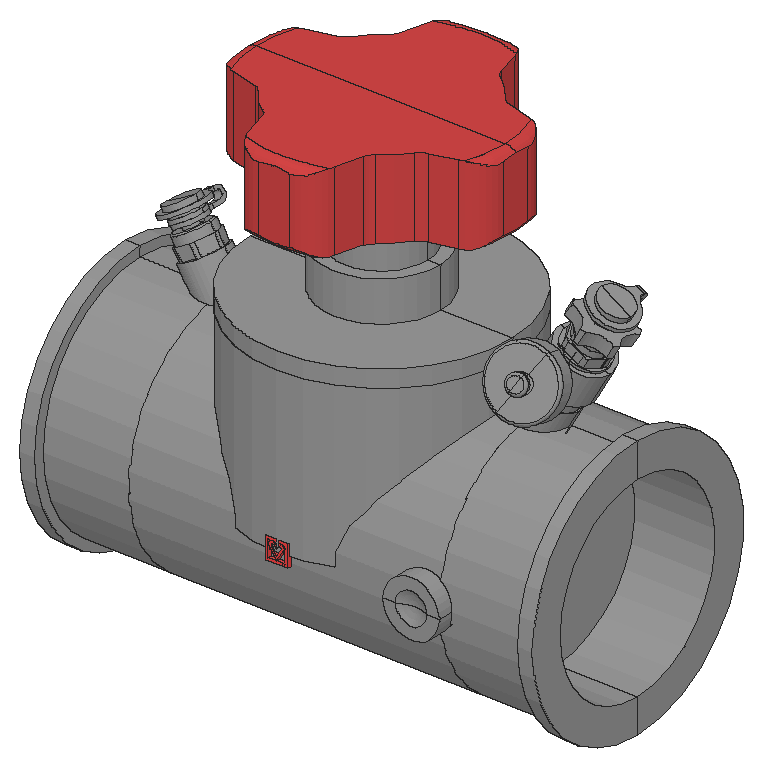
Revit family "HERZ Strömax клапан балансировочный с измерительными клапанами 4217 GML", category Rohrzubehör, Revit 2021
Family settings
  Bemaßung runder Anschluss = Durchmesser verwenden
  Teiletyp = Unterbricht
  OmniClass-Nummer = 23.65.55.14
  OmniClass-Titel = Valves for Liquid Services
  Arbeitsebenenbasiert = Nein
  Immer vertikal = Ja
  Beim Laden mit Abzugskörper schneiden = Nein
  Gemeinsam genutzt = Nein
Parameters
  Среда = "Качество теплоносителя в соответствии с ÖNORM H5195 и VDI 2035.\r\nДопускается использование этилен- и пропиленгликоля в соотношении 25-50% с водой."
  Положение клапана при монтаже = "Неподнимающийся шпиндель, расположенный перпендикулярно оси клапана, обеспечивает доступность и лёгкость в обслуживании в любом монтажном положении."
  Область применения = "Балансировочные клапаны применяются для гидравлической балансировки систем отопления и охлаждения, регулировки магистральных трубопроводов, стояков, теплообменников, регистров отопления и охлаждения."
  Номер заказа [instance] = size_lookup("4217_GML_", "Artnr", 0, Nennweite)  # 1421718
  Макс. рабочее давление = 1600000.0 Pa  # constant formula
  Макс. рабочая температура (с DN40) = 110 °C  # constant formula
  Макс. рабочая температура (до DN32) = 130 °C  # constant formula
  Корпус = "латунь, устойчивая к селективной цинковой коррозии"  # constant formula
  Исполнение = "STRÖMAX-GML Балансировочный клапан с измерительными клапанами и подключением импульсной трубки, 1/2′′ – 3′′.\r\nИсполнение с прямым невыдвижным шпинделем, муфта х муфта, латунный корпус без покрытия, уплотнение шпинделя двойным кольцевым уплотнением O-Ring, преднастройка посредством ограничения хода внутреннего шпинделя, цифровые показания степени настройки отображаются в окне маховика.\r\nОдин измерительный клапан расположен перед седлом балансировочного клапана, другой измерительный клапан с возможностью подключения импульсной трубки - после седла."
  Измерение перепада давления = "Клапаны STRÖMAX-GML оснащен двумя измерительными клапанами:\r\nс помощью измерительного прибора можно измерить перепад давления и по нему определить текущий расход в зависимости от степени преднастройки.\r\nHERZ Измерительный компьютер (1 8900 05) позволяет напрямую считывать расход (см. руководство к измерительным приборам)."
  kvs-значения [instance] = if(Nennweite = 15.00 mm, 6.05, if(Nennweite = 20.00 mm, 6.11, if(Nennweite = 25.00 mm, 9.22, if(Nennweite = 32.00 mm, 18.83, if(Nennweite = 40.00 mm, 23.29, if(Nennweite = 50.00 mm, 35.26, if(Nennweite = 65.00 mm, 52.11, if(Nennweite = 80.00 mm, 76.1, 0))))))))  # 76.1
  W02 = 60.00°  # constant formula
  W01 = 30.00°  # constant formula
  Vorgabe-Ansicht = 0.00 mm
  URL = "www.herz-armaturen.ru"
  SC_NennweiteBerechnet = 0
  SC_Dimension = ""
  SCRNSEQ = "ARM;ARM_TYP=\"STRV\";2"
  SCRNCODE = "05;07;02"  # constant formula
  S02 = 60.00 mm  # constant formula
  S01 [instance] = H00 + H01  # 119.31 mm
  R01 [instance] = size_lookup("4217_GML_", "R1", 1.00 mm, Nennweite)  # 53.00 mm
  Nennweite [instance] = 80.00 mm
  ML02 [instance] = size_lookup("4217_GML_", "ML2", 1.00 mm, Nennweite)  # 70.50 mm
  ML01 [instance] = size_lookup("4217_GML_", "ML1", 1.00 mm, Nennweite)  # 37.35 mm
  MD01 = 9.50 mm  # constant formula
  L02 [instance] = size_lookup("4217_GML_", "L2", 1.00 mm, Nennweite)  # 6.00 mm
  L01 [instance] = size_lookup("4217_GML_", "L1", 1.00 mm, Nennweite)  # 41.30 mm
  L00 [instance] = size_lookup("4217_GML_", "L", 1.00 mm, Nennweite)  # 210.00 mm
  IG [instance] = Nennweite / 2  # 40.00 mm
  Hersteller = "HERZ Armaturen Ges.m.b.H."  # constant formula
  H04 [instance] = size_lookup("4217_GML_", "H4", 1.00 mm, Nennweite)  # 19.00 mm
  H03 = 10.00 mm  # constant formula
  H02 [instance] = size_lookup("4217_GML_", "H2", 1.00 mm, Nennweite)  # 7.00 mm
  H01 [instance] = size_lookup("4217_GML_", "H1", 1.00 mm, Nennweite)  # 52.60 mm
  H00 [instance] = size_lookup("4217_GML_", "H", 1.00 mm, Nennweite)  # 66.71 mm
  Вес [instance] = if(Nennweite = 15.00 mm, "0.97 kg", if(Nennweite = 20.00 mm, "1.00 kg", if(Nennweite = 25.00 mm, "1.45 kg", if(Nennweite = 32.00 mm, "1.98 kg", if(Nennweite = 40.00 mm, "2.34 kg", if(Nennweite = 50.00 mm, "3.85 kg", if(Nennweite = 65.00 mm, "5.35 kg", if(Nennweite = 80.00 mm, "7.20 kg", "0 kg"))))))))  # "7.20 kg"
  GT [instance] = size_lookup("4217_GML_", "GT", 1.00 mm, Nennweite)  # 33.30 mm
  DN80 [instance] = Nennweite = 80.00 mm  # yes
  DN65 [instance] = Nennweite = 65.00 mm  # no
  DN50_DN80 [instance] = or(Nennweite = 50.00 mm, Nennweite = 65.00 mm, Nennweite = 80.00 mm)  # yes
  DN50-DN80 [instance] = H00 + H01  # 119.31 mm
  DN50 [instance] = Nennweite = 50.00 mm  # no
  DN40 [instance] = Nennweite = 40.00 mm  # no
  DN32 [instance] = Nennweite = 32.00 mm  # no
  DN25 [instance] = Nennweite = 25.00 mm  # no
  DN20 [instance] = Nennweite = 20.00 mm  # no
  DN15_DN40 [instance] = or(Nennweite = 15.00 mm, Nennweite = 20.00 mm, Nennweite = 25.00 mm, Nennweite = 32.00 mm, Nennweite = 40.00 mm)  # no
  DN15-DN40 [instance] = H00 + H01  # 119.31 mm
  DN15 [instance] = Nennweite = 15.00 mm  # no
  D06 [instance] = size_lookup("4217_GML_", "D6", 1.00 mm, Nennweite)  # 24.30 mm
  D05 [instance] = size_lookup("4217_GML_", "D5", 1.00 mm, Nennweite)  # 19.00 mm
  D04 = 9.00 mm  # constant formula
  D03 [instance] = size_lookup("4217_GML_", "D3", 1.00 mm, Nennweite)  # 53.80 mm
  D02 [instance] = size_lookup("4217_GML_", "D2", 1.00 mm, Nennweite)  # 54.00 mm
  D01 [instance] = size_lookup("4217_GML_", "D1", 1.00 mm, Nennweite)  # 50.00 mm
Reference planes
  plane 1 "Mitte (Vorne/hinten)": y = 0
  plane 2: z = 0
  plane 3 "Mitte (Links/rechts)": x = 0
Forms (mm)
  Revolve 1, solid, material "Messing, weicher Gelbton, geschweißt", detail levels fine
    sketch origin (0, 0, 0) x (1, 0, 0) y (0, 0, 1)
      loop
        line (-105, 54) -> (-105, 40) -> (-71.7, 40) -> (-71.7, 0) -> (71.7, 0) -> (71.7, 40) -> (105, 40) -> (105, 54) -> (99, 54) -> (99, 50) -> (63.7, 50)
        arc (63.7, 50) -> (0, 53) -> (-63.7, 50) r 677.782
        line (-63.7, 50) -> (-99, 50) -> (-99, 54) -> (-105, 54)
      axis (-105, 0) -> (105, 0)
    angle from 0 to 360
  Revolve 2, solid, material "Messing, weicher Gelbton, geschweißt", detail levels fine
    sketch origin (0, 0, 0) x (1, 0, 0) y (0, 0, 1)
      loop
        line (37.35, 0) -> (72.6, 61.055) -> (64.373, 65.805) -> (29.123, 4.75) -> (37.35, 0)
      axis (37.35, 0) -> (72.6, 61.055)
    angle from 0 to 360
  Revolve 3, solid, material "Messing, weicher Gelbton, geschweißt", detail levels fine
    sketch origin (0, 0, 0) x (1, 0, 0) y (0, 0, 1)
      loop
        line (0, 0) -> (0, 66.71) -> (-53.8, 66.71) -> (-53.8, 0) -> (0, 0)
      axis (0, 66.71) -> (0, 0)
    angle from 0 to 360
  Revolve 4, solid, material "Messing, weicher Gelbton, geschweißt", detail levels fine
    sketch origin (0, 0, 0) x (-1, 0, 0) y (0, 0, 1)
      loop
        line (37.35, 0) -> (72.6, 61.055) -> (64.373, 65.805) -> (29.123, 4.75) -> (37.35, 0)
      axis (37.35, 0) -> (72.6, 61.055)
    angle from 0 to 360
  Revolve 5, solid, material "Messing, weicher Gelbton, geschweißt", visible <- "DN65", detail levels fine
    sketch origin (0, 0, 0) x (1, 0, 0) y (0, 1, 0)
      loop
        line (60, 47.945) -> (60, -47.945)
        arc (60, -47.945) -> (63.368, -48.598) -> (66.5, -50) r 15
        line (66.5, -50) -> (71.5, -50) -> (71.5, 50) -> (66.5, 50)
        arc (66.5, 50) -> (63.368, 48.598) -> (60, 47.945) r 15
      axis (60, 50) -> (60, -50)
    angle from 0 to 360
  Revolve 6, solid, material "Messing, weicher Gelbton, geschweißt", detail levels fine
    sketch origin (0, 0, 0) x (1, 0, 0) y (0, 0, 1)
      loop
        line (0, 66.71) -> (0, 119.31) -> (-9, 119.31) -> (-9, 109.31) -> (-19, 109.31) -> (-19, 90.31) -> (-24.3, 90.31) -> (-24.3, 73.71) -> (-53.8, 73.71) -> (-53.8, 66.71) -> (0, 66.71)
      axis (0, 119.31) -> (0, 66.71)
    angle from 0 to 360
  Revolve 7, solid, material "Messing, weicher Gelbton, geschweißt", visible <- "DN80", detail levels fine
    sketch origin (0, 0, 0) x (1, 0, 0) y (0, 1, 0)
      loop
        line (57, 53.945) -> (57, -53.945)
        arc (57, -53.945) -> (60.368, -54.598) -> (63.5, -56) r 15
        line (63.5, -56) -> (68.5, -56) -> (68.5, 56) -> (63.5, 56)
        arc (63.5, 56) -> (60.368, 54.598) -> (57, 53.945) r 15
      axis (57, 56) -> (57, -56)
    angle from 0 to 360
Lines and regions (mm)
  model lines, detail levels coarse+medium
    curve 1: line (-105, 0, 54) -> (-105, 0, -54)
    curve 2: line (-105, 0, -54) -> (105, 0, 54)
    curve 3: line (105, 0, 54) -> (105, 0, -54)
    curve 4: line (105, 0, -54) -> (-105, 0, 54)
    curve 5: line (0, 0, 0) -> (68.884, 0, 119.31)
    curve 6: line (42.903, 0, 134.31) -> (94.864, 0, 104.31)
    curve 7: line (-105, 54, 0) -> (-105, -54, 0)
    curve 8: line (-105, -54, 0) -> (105, 54, 0)
    curve 9: line (105, 54, 0) -> (105, -54, 0)
    curve 10: line (105, -54, 0) -> (-105, 54, 0)
    curve 11: line (0, 0, 0) -> (68.884, 119.31, 0)
    curve 12: line (42.903, 134.31, 0) -> (94.864, 104.31, 0)
Dimensions and locks
  "IG": Revolve 1 sketch curve to plane 2
  "GT": Revolve 1 sketch curve to Revolve 1 sketch curve  (x2)
  "IG": Revolve 1 sketch curve to Revolve 1 sketch curve
  "D01": Revolve 1 sketch curve to Revolve 1 sketch curve  (x2)
  "R01": Revolve 1 sketch curve to Revolve 1 sketch curve
  "L02": Revolve 1 sketch curve to Revolve 1 sketch curve  (x2)
  "L01": Revolve 1 sketch curve to Revolve 1 sketch curve  (x2)
  "D02": Revolve 1 sketch curve to plane 2  (x2)
  equal spacing: Revolve 1 sketch curve, plane 3 "Mitte (Links/rechts)", Revolve 1 sketch curve
  "L00": Revolve 1 sketch curve to Revolve 1 sketch curve
  "R01": nested 1 to plane 1 "Mitte (Vorne/hinten)"
  "ML01": Revolve 2 sketch curve to plane 3 "Mitte (Links/rechts)"
  "H00": Revolve 3 sketch curve to plane 2
  "D03": Revolve 3 sketch curve to Revolve 3 sketch curve
  "ML02": Revolve 2 sketch curve to Revolve 2 sketch curve
  "MD01": Revolve 2 sketch curve to Revolve 2 sketch curve  (x2)
  "ML02": Revolve 4 sketch curve to Revolve 4 sketch curve
  "MD01": Revolve 4 sketch curve to Revolve 4 sketch curve  (x2)
  "ML01": plane 3 "Mitte (Links/rechts)" to Revolve 4 sketch curve
  Revolve 5 sketch curve to Revolve 1 = 45.00 mm
  Revolve 5 sketch curve to Revolve 5 sketch curve = 11.50 mm  (x2)
  Revolve 5 sketch curve to plane 1 "Mitte (Vorne/hinten)" to Revolve 5 sketch curve = 50.00 mm, 50.00 mm
  "H00": Revolve 6 sketch curve to plane 2
  "H01": Revolve 6 sketch curve to Revolve 6 sketch curve
  "D04": Revolve 6 sketch curve to Revolve 6 sketch curve
  "D03": Revolve 6 sketch curve to Revolve 6 sketch curve
  "D05": Revolve 6 sketch curve to Revolve 6 sketch curve
  "D06": Revolve 6 sketch curve to Revolve 6 sketch curve
  "H02": Revolve 6 sketch curve to Revolve 6 sketch curve
  "H03": Revolve 6 sketch curve to Revolve 6 sketch curve
  "H04": Revolve 6 sketch curve to Revolve 6 sketch curve
  Revolve 7 sketch curve to Revolve 1 = 48.00 mm
  Revolve 7 sketch curve to Revolve 7 sketch curve = 11.50 mm  (x2)
  Revolve 7 sketch curve to plane 1 "Mitte (Vorne/hinten)" to Revolve 7 sketch curve = 56.00 mm, 56.00 mm
  "DN15-DN40": nested 2 to plane 2
  "DN50-DN80": nested 3 to plane 2
  "D02": curve 4 to plane 2 to curve 2
  "D02": curve 3 to plane 2 to curve 4
  equal spacing: curve 1, plane 3 "Mitte (Links/rechts)", curve 3
  "L00": curve 1 to curve 3
  equal spacing: Revolve 1, curve 5, Revolve 1
  "S01": curve 5 to plane 2
  equal spacing: curve 6, curve 5, curve 6
  "S02": curve 6 to curve 6
  "D02": curve 8 to plane 1 "Mitte (Vorne/hinten)" to curve 10
  "D02": curve 10 to plane 1 "Mitte (Vorne/hinten)" to curve 9
  equal spacing: curve 7, plane 3 "Mitte (Links/rechts)", curve 9
  "L00": curve 7 to curve 9
  equal spacing: curve 7, curve 11, curve 9
  "S01": plane 1 "Mitte (Vorne/hinten)" to curve 11
  equal spacing: curve 12, curve 11, curve 12
  "S02": curve 12 to curve 12
  radius of Revolve 5 sketch curve = 15.00 mm  (x2)
  radius of Revolve 7 sketch curve = 15.00 mm  (x2)
  "W01": angle Revolve 2 sketch curve to plane 3 "Mitte (Links/rechts)"  (x2)
  "W01": angle plane 3 "Mitte (Links/rechts)" to Revolve 4 sketch curve  (x2)
  "W02": angle plane 2 to curve 5
  "W02": angle plane 1 "Mitte (Vorne/hinten)" to curve 11
  aligned and locked: level to plane 2
Automatic sketch dimensions
  Revolve 5 sketch curve to Revolve 5 sketch curve = 1.153 mm  (x2)
  Revolve 5 sketch curve to Revolve 5 sketch curve = 5.00 mm  (x2)
  Revolve 5 sketch curve to Revolve 5 sketch curve = 2.854 mm  (x2)
  Revolve 7 sketch curve to Revolve 7 sketch curve = 1.153 mm  (x2)
  Revolve 7 sketch curve to Revolve 7 sketch curve = 5.00 mm  (x2)
  Revolve 7 sketch curve to Revolve 7 sketch curve = 8.854 mm  (x2)
  Revolve 1 sketch curve to level = 0.00 mm  (x2)
  Revolve 1 sketch curve to Revolve 1 sketch curve = 1429.986 mm
  Revolve 1 sketch curve to Revolve 1 sketch curve = 1762.604 mm
  Revolve 2 sketch curve to level = 0.00 mm  (x2)
  Revolve 3 sketch curve to level = 0.00 mm
  Revolve 3 sketch curve to plane 3 "Mitte (Links/rechts)" = 0.00 mm  (x2)
  Revolve 3 sketch curve to Revolve 3 sketch curve = 366.045 mm
  Revolve 3 sketch curve to Revolve 3 sketch curve = 2179.415 mm
  Revolve 4 sketch curve to level = 0.00 mm  (x2)
  Revolve 6 sketch curve to plane 3 "Mitte (Links/rechts)" = 0.00 mm  (x2)
  Revolve 6 sketch curve to level = 366.045 mm
  Revolve 6 sketch curve to Revolve 6 sketch curve = 2146.115 mm
Nested families
  nested 1: "Herz-Logo-vorne" at (0, -53, 0) x (0, 1, 0) z (0, 0, 1), type "Herz-Logo-vorne", detail levels fine
  nested 2: "Strangregulierventil-Handrad-Gerade (Rot) DN15-DN40" at (0, 0, 119.31), visible <- "DN15_DN40", type "Strangregulierventil-Handrad-Gerade (Rot) DN15-DN40", detail levels fine
    with Nennweite 0.00 mm, Gewicht 0.00 kg, Bestellnummer 0
  nested 3: "Strangregulierventil-Handrad-Gerade (Rot) DN50-DN80" at (0, 0, 119.31), visible <- "DN50_DN80", type "Strangregulierventil-Handrad-Gerade (Rot) DN50-DN80", detail levels fine
    with Nennweite 0.00 mm, Gewicht 0.00 kg, Bestellnummer 0
  nested 4: "Messstutzen_Band-KFE_Austritt_30Grad_(oben)" at (61.39, 0, 59.409), visible <- "DN50", type "Messstutzen_Band-KFE_Austritt_30Grad_(oben)", detail levels fine
    with Schutzkappe yes, Nennweite 0.00 mm, Gewicht 0.00 kg, Bestellnummer 0
  nested 5: "Messstutzen_Band_Eintritt_30Grad_(oben)" at (-47.24, 0, 34.901) x (-1, 0, 0) z (0, 0, 1), visible <- "DN50", type "Messstutzen_Band_Eintritt_30Grad_(oben)", detail levels fine
    with Schutzkappe yes, Nennweite 0.00 mm, Gewicht 0.00 kg, Bestellnummer 0
  nested 6: "Messstutzen_Band-KFE_Austritt_30Grad_(oben)" at (41.17, 0, 35.507), visible <- "DN15", type "Messstutzen_Band-KFE_Austritt_30Grad_(oben)", detail levels fine
    with Schutzkappe yes, Nennweite 0.00 mm, Gewicht 0.00 kg, Bestellnummer 0
  nested 7: "Messstutzen_Band_Eintritt_30Grad_(oben)" at (-27.02, 0, 10.999) x (-1, 0, 0) z (0, 0, 1), visible <- "DN15", type "Messstutzen_Band_Eintritt_30Grad_(oben)", detail levels fine
    with Schutzkappe yes, Nennweite 0.00 mm, Gewicht 0.00 kg, Bestellnummer 0
  nested 8: "Messstutzen_Band_Eintritt_30Grad_(oben)" at (-24.855, 0, 13.553) x (-1, 0, 0) z (0, 0, 1), visible <- "DN20", type "Messstutzen_Band_Eintritt_30Grad_(oben)", detail levels fine
    with Schutzkappe yes, Nennweite 0.00 mm, Gewicht 0.00 kg, Bestellnummer 0
  nested 9: "Messstutzen_Band-KFE_Austritt_30Grad_(oben)" at (39.005, 0, 38.062), visible <- "DN20", type "Messstutzen_Band-KFE_Austritt_30Grad_(oben)", detail levels fine
    with Schutzkappe yes, Nennweite 0.00 mm, Gewicht 0.00 kg, Bestellnummer 0
  nested 10: "Messstutzen_Band_Eintritt_30Grad_(oben)" at (-29.265, 0, 17.883) x (-1, 0, 0) z (0, 0, 1), visible <- "DN25", type "Messstutzen_Band_Eintritt_30Grad_(oben)", detail levels fine
    with Schutzkappe yes, Nennweite 0.00 mm, Gewicht 0.00 kg, Bestellnummer 0
  nested 11: "Messstutzen_Band-KFE_Austritt_30Grad_(oben)" at (43.415, 0, 42.392), visible <- "DN25", type "Messstutzen_Band-KFE_Austritt_30Grad_(oben)", detail levels fine
    with Schutzkappe yes, Nennweite 0.00 mm, Gewicht 0.00 kg, Bestellnummer 0
  nested 12: "Messstutzen_Band_Eintritt_30Grad_(oben)" at (-37.74, 0, 24.595) x (-1, 0, 0) z (0, 0, 1), visible <- "DN32", type "Messstutzen_Band_Eintritt_30Grad_(oben)", detail levels fine
    with Schutzkappe yes, Nennweite 0.00 mm, Gewicht 0.00 kg, Bestellnummer 0
  nested 13: "Messstutzen_Band-KFE_Austritt_30Grad_(oben)" at (51.89, 0, 49.104), visible <- "DN32", type "Messstutzen_Band-KFE_Austritt_30Grad_(oben)", detail levels fine
    with Schutzkappe yes, Nennweite 0.00 mm, Gewicht 0.00 kg, Bestellnummer 0
  nested 14: "Messstutzen_Band_Eintritt_30Grad_(oben)" at (-42.8, 0, 28.665) x (-1, 0, 0) z (0, 0, 1), visible <- "DN40", type "Messstutzen_Band_Eintritt_30Grad_(oben)", detail levels fine
    with Schutzkappe yes, Nennweite 0.00 mm, Gewicht 0.00 kg, Bestellnummer 0
  nested 15: "Messstutzen_Band-KFE_Austritt_30Grad_(oben)" at (56.95, 0, 53.174), visible <- "DN40", type "Messstutzen_Band-KFE_Austritt_30Grad_(oben)", detail levels fine
    with Schutzkappe yes, Nennweite 0.00 mm, Gewicht 0.00 kg, Bestellnummer 0
  nested 16: "Messstutzen_Band_Eintritt_30Grad_(oben)" at (-54.5, 0, 38.105) x (-1, 0, 0) z (0, 0, 1), visible <- "DN65", type "Messstutzen_Band_Eintritt_30Grad_(oben)", detail levels fine
    with Schutzkappe yes, Nennweite 0.00 mm, Gewicht 0.00 kg, Bestellnummer 0
  nested 17: "Messstutzen_Band-KFE_Austritt_30Grad_(oben)" at (68.65, 0, 62.614), visible <- "DN65", type "Messstutzen_Band-KFE_Austritt_30Grad_(oben)", detail levels fine
    with Schutzkappe yes, Nennweite 0.00 mm, Gewicht 0.00 kg, Bestellnummer 0
  nested 18: "Messstutzen_Band_Eintritt_30Grad_(oben)" at (-63.85, 0, 45.899) x (-1, 0, 0) z (0, 0, 1), visible <- "DN80", type "Messstutzen_Band_Eintritt_30Grad_(oben)", detail levels fine
    with Schutzkappe yes, Nennweite 0.00 mm, Gewicht 0.00 kg, Bestellnummer 0
  nested 19: "Messstutzen_Band-KFE_Austritt_30Grad_(oben)" at (78, 0, 70.408), visible <- "DN80", type "Messstutzen_Band-KFE_Austritt_30Grad_(oben)", detail levels fine
    with Schutzkappe yes, Nennweite 0.00 mm, Gewicht 0.00 kg, Bestellnummer 0
Connectors
  piping at (-71.7, 0, 0), diameter 80, driven by "Nennweite"
    settings: on Revolve 1, index 1, connector inside diameter 609.6 mm, connector length 0.00 mm, flow factor 0, pipe flow 0.0 L/s, pressure drop 0.0 Pa, fitting loss kfactor 0, connector angle 0.00°, fixture units 0, engagement length 0.00 mm, angle of deflection 0.00°, flow configuration 0, flow direction 1, fitting loss method 0, system type 29, joint type 0, gender type 0, connector reference index -1, connector utility 0, adjustable connector no, is connector primary yes, connector description ""
  piping at (71.7, 0, 0), diameter 80, driven by "Nennweite"
    settings: on Revolve 1, index 2, connector inside diameter 609.6 mm, connector length 0.00 mm, flow factor 0, pipe flow 0.0 L/s, pressure drop 0.0 Pa, fitting loss kfactor 0, connector angle 0.00°, fixture units 0, engagement length 0.00 mm, angle of deflection 0.00°, flow configuration 0, flow direction 2, fitting loss method 0, system type 29, joint type 0, gender type 0, connector reference index -1, connector utility 0, adjustable connector no, is connector primary no, connector description ""
Definition of nested family "Herz-Logo-vorne"
  Parameters (values of type "Herz-Logo-vorne")
    Default Elevation = 0.00 mm
  Reference planes
    plane 1 "Mitte (Vorne/hinten)": y = 0
    plane 2: z = 0
    plane 3 "Mitte (Links/rechts)": x = 0
  Forms (mm)
    Extrusion 1, solid
      sketch origin (0.732, -0.018, 0.017) x (0, -1, 0) y (0, 0, 1)
        loop
          line (-0.018, -4.517) -> (4.482, -4.517) -> (4.482, 4.483) -> (-4.518, 4.483) -> (-4.518, -4.517) -> (-0.018, -4.517)
        loop
          line (-0.05, -3.48) -> (3.482, -3.48) -> (3.482, 3.483) -> (-3.518, 3.483) -> (-3.518, -3.48) -> (-0.05, -3.48)
        loop
          arc (-0.018, 2.383) -> (-1.543, 3.287) -> (-3.067, 2.383) r 1.738
          arc (-3.067, 2.383) -> (-3.191, 1.899) -> (-3.067, 1.415) r 1.009
          line (-3.067, 1.415) -> (-0.018, -3.281) -> (3.032, 1.415)
          arc (3.032, 1.415) -> (3.156, 1.899) -> (3.032, 2.383) r 1.009
          arc (3.032, 2.383) -> (1.507, 3.287) -> (-0.018, 2.383) r 1.738
        loop
          arc (1.885, 1.272) -> (2.005, 1.675) -> (1.885, 2.079) r 0.74
          arc (1.885, 2.079) -> (1.265, 2.416) -> (0.644, 2.079) r 0.74
          line (0.644, 2.079) -> (-0.018, 0.97) -> (-0.679, 2.079)
          arc (-0.679, 2.079) -> (-1.3, 2.416) -> (-1.921, 2.079) r 0.74
          arc (-1.921, 2.079) -> (-2.04, 1.675) -> (-1.921, 1.272) r 0.74
          line (-1.921, 1.272) -> (-0.018, -1.658) -> (1.885, 1.272)
      from 0 to 1.5
  Dimensions and locks
    aligned and locked: level to plane 2
Definition of nested family "Strangregulierventil-Handrad-Gerade (Rot) DN15-DN40"
  Parameters (values of type "Strangregulierventil-Handrad-Gerade (Rot) DN15-DN40")
    Default Elevation = 0.00 mm
    URL = "www.herz-armaturen.at"
    Nennweite [instance] = 0.00 mm
    Manufacturer = "Herz Armaturen GmbH"  # constant formula
    Gewicht [instance] = 0.00 kg
    Bestellnummer [instance] = 0
  Reference planes
    plane 1 "Mitte (Vorne/hinten)": y = 0
    plane 2: z = 0
    plane 3 "Mitte (Links/rechts)": x = 0
  Forms (mm)
    Revolve 1, solid, detail levels fine
      sketch origin (0, 0, 0) x (1, 0, 0) y (0, 0, 1)
        loop
          line (0, 0) -> (0, 24.95) -> (-30.992, 24.95)
          arc (-30.992, 24.95) -> (-34.37, 23.636) -> (-35.973, 20.386) r 5
          line (-35.973, 20.386) -> (-37, 8.65) -> (-35.986, -2.936)
          arc (-35.986, -2.936) -> (-34.383, -6.186) -> (-31.005, -7.5) r 5
          line (-31.005, -7.5) -> (-15, -7.5) -> (-15, 0) -> (0, 0)
        axis (0, 24.95) -> (0, -7.5)
      angle from 0 to 360
    Extrusion 2, void
      sketch origin (0, 0, 20.3) x (1, 0, 0) y (0, 1, 0)
        loop
          line (3.861, 35.5) -> (-3.861, 35.5)
          arc (-3.861, 35.5) -> (-8.731, 33.847) -> (-11.589, 29.571) r 8
          line (-11.589, 29.571) -> (-13.284, 23.245)
          arc (-13.284, 23.245) -> (-13.982, 21.722) -> (-15.144, 20.516) r 5
          arc (-15.144, 20.516) -> (-18.031, 18.031) -> (-20.516, 15.144) r 25.5
          arc (-20.516, 15.144) -> (-21.722, 13.982) -> (-23.245, 13.284) r 5
          line (-23.245, 13.284) -> (-29.571, 11.589)
          arc (-29.571, 11.589) -> (-33.847, 8.731) -> (-35.5, 3.861) r 8
          line (-35.5, 3.861) -> (-35.5, -3.861)
          arc (-35.5, -3.861) -> (-33.847, -8.731) -> (-29.571, -11.589) r 8
          line (-29.571, -11.589) -> (-23.245, -13.284)
          arc (-23.245, -13.284) -> (-21.722, -13.982) -> (-20.516, -15.144) r 5
          arc (-20.516, -15.144) -> (-18.031, -18.031) -> (-15.144, -20.516) r 25.5
          arc (-15.144, -20.516) -> (-13.982, -21.722) -> (-13.284, -23.245) r 5
          line (-13.284, -23.245) -> (-11.589, -29.571)
          arc (-11.589, -29.571) -> (-8.731, -33.847) -> (-3.861, -35.5) r 8
          line (-3.861, -35.5) -> (3.861, -35.5)
          arc (3.861, -35.5) -> (8.731, -33.847) -> (11.589, -29.571) r 8
          line (11.589, -29.571) -> (13.284, -23.245)
          arc (13.284, -23.245) -> (13.982, -21.722) -> (15.144, -20.516) r 5
          arc (15.144, -20.516) -> (18.031, -18.031) -> (20.516, -15.144) r 25.5
          arc (20.516, -15.144) -> (21.722, -13.982) -> (23.245, -13.284) r 5
          line (23.245, -13.284) -> (29.571, -11.589)
          arc (29.571, -11.589) -> (33.847, -8.731) -> (35.5, -3.861) r 8
          line (35.5, -3.861) -> (35.5, 3.861)
          arc (35.5, 3.861) -> (33.847, 8.731) -> (29.571, 11.589) r 8
          line (29.571, 11.589) -> (23.245, 13.284)
          arc (23.245, 13.284) -> (21.722, 13.982) -> (20.516, 15.144) r 5
          arc (20.516, 15.144) -> (18.031, 18.031) -> (15.144, 20.516) r 25.5
          arc (15.144, 20.516) -> (13.982, 21.722) -> (13.284, 23.245) r 5
          line (13.284, 23.245) -> (11.589, 29.571)
          arc (11.589, 29.571) -> (8.731, 33.847) -> (3.861, 35.5) r 8
        loop
          circle (0, 0) r 38
      from -31.266 to 7.923
  Cuts and joins
    Extrusion 2 cuts Revolve 1
  Dimensions and locks
    Revolve 1 sketch curve to Revolve 1 sketch curve = 15.00 mm
    Revolve 1 sketch curve to Revolve 1 sketch curve = 16.15 mm
    Revolve 1 sketch curve to Revolve 1 sketch curve = 16.30 mm
    angle Revolve 1 sketch curve to Revolve 1 sketch curve = 95.00°
    aligned and locked: level to plane 2
Definition of nested family "Strangregulierventil-Handrad-Gerade (Rot) DN50-DN80"
  Parameters (values of type "Strangregulierventil-Handrad-Gerade (Rot) DN50-DN80")
    Default Elevation = 0.00 mm
    URL = "www.herz-armaturen.at"
    Nennweite [instance] = 0.00 mm
    Manufacturer = "Herz Armaturen GmbH"  # constant formula
    Gewicht [instance] = 0.00 kg
    Bestellnummer [instance] = 0
  Reference planes
    plane 1 "Mitte (Vorne/hinten)": y = 0
    plane 2: z = 0
    plane 3 "Mitte (Links/rechts)": x = 0
  Forms (mm)
    Revolve 1, solid, detail levels fine
      sketch origin (0, 0, 0) x (1, 0, 0) y (0, 0, 1)
        loop
          line (0, 0) -> (0, 24.95) -> (-50.992, 24.95)
          arc (-50.992, 24.95) -> (-54.37, 23.636) -> (-55.973, 20.386) r 5
          line (-55.973, 20.386) -> (-57, 8.65) -> (-55.986, -2.936)
          arc (-55.986, -2.936) -> (-54.383, -6.186) -> (-51.005, -7.5) r 5
          line (-51.005, -7.5) -> (-15, -7.5) -> (-15, 0) -> (0, 0)
        axis (0, 24.95) -> (0, -7.5)
      angle from 0 to 360
    Extrusion 2, void
      sketch origin (0, 0, 20.3) x (1, 0, 0) y (0, 1, 0)
        loop
          line (-55, 6.292) -> (-55, -6.292)
          arc (-55, -6.292) -> (-52.52, -13.597) -> (-46.106, -17.883) r 12
          line (-46.106, -17.883) -> (-35.399, -20.752)
          arc (-35.399, -20.752) -> (-33.541, -21.612) -> (-32.08, -23.047) r 6
          arc (-32.08, -23.047) -> (-27.931, -27.931) -> (-23.047, -32.08) r 39.5
          arc (-23.047, -32.08) -> (-21.612, -33.541) -> (-20.752, -35.399) r 6
          line (-20.752, -35.399) -> (-17.883, -46.106)
          arc (-17.883, -46.106) -> (-13.597, -52.52) -> (-6.292, -55) r 12
          line (-6.292, -55) -> (6.292, -55)
          arc (6.292, -55) -> (13.597, -52.52) -> (17.883, -46.106) r 12
          line (17.883, -46.106) -> (20.752, -35.399)
          arc (20.752, -35.399) -> (21.612, -33.541) -> (23.047, -32.08) r 6
          arc (23.047, -32.08) -> (27.931, -27.931) -> (32.08, -23.047) r 39.5
          arc (32.08, -23.047) -> (33.541, -21.612) -> (35.399, -20.752) r 6
          line (35.399, -20.752) -> (46.106, -17.883)
          arc (46.106, -17.883) -> (52.52, -13.597) -> (55, -6.292) r 12
          line (55, -6.292) -> (55, 6.292)
          arc (55, 6.292) -> (52.52, 13.597) -> (46.106, 17.883) r 12
          line (46.106, 17.883) -> (35.399, 20.752)
          arc (35.399, 20.752) -> (33.541, 21.612) -> (32.08, 23.047) r 6
          arc (32.08, 23.047) -> (27.931, 27.931) -> (23.047, 32.08) r 39.5
          arc (23.047, 32.08) -> (21.612, 33.541) -> (20.752, 35.399) r 6
          line (20.752, 35.399) -> (17.883, 46.106)
          arc (17.883, 46.106) -> (13.597, 52.52) -> (6.292, 55) r 12
          line (6.292, 55) -> (-6.292, 55)
          arc (-6.292, 55) -> (-13.597, 52.52) -> (-17.883, 46.106) r 12
          line (-17.883, 46.106) -> (-20.752, 35.399)
          arc (-20.752, 35.399) -> (-21.612, 33.541) -> (-23.047, 32.08) r 6
          arc (-23.047, 32.08) -> (-27.931, 27.931) -> (-32.08, 23.047) r 39.5
          arc (-32.08, 23.047) -> (-33.541, 21.612) -> (-35.399, 20.752) r 6
          line (-35.399, 20.752) -> (-46.106, 17.883)
          arc (-46.106, 17.883) -> (-52.52, 13.597) -> (-55, 6.292) r 12
        loop
          circle (0, 0) r 60
      from -31.161 to 7.489
  Cuts and joins
    Extrusion 2 cuts Revolve 1
  Dimensions and locks
    Revolve 1 sketch curve to Revolve 1 sketch curve = 15.00 mm
    Revolve 1 sketch curve to Revolve 1 sketch curve = 16.15 mm
    Revolve 1 sketch curve to Revolve 1 sketch curve = 16.30 mm
    Revolve 1 sketch curve to Revolve 1 sketch curve = 57.00 mm
    angle Revolve 1 sketch curve to Revolve 1 sketch curve = 95.00°
    aligned and locked: level to plane 2
Definition of nested family "Messstutzen_Band-KFE_Austritt_30Grad_(oben)"
  Parameters (values of type "Messstutzen_Band-KFE_Austritt_30Grad_(oben)")
    Default Elevation = 0.00 mm
    URL = "www.herz-armaturen.at"
    Schutzkappe [instance] = yes
    Nennweite [instance] = 0.00 mm
    Manufacturer = "Herz Armaturen GmbH"  # constant formula
    Gewicht [instance] = 0.00 kg
    Bestellnummer [instance] = 0
  Reference planes
    plane 1 "Mitte (Vorne/hinten)": y = 0
    plane 2: z = 0
    plane 3 "Mitte (Links/rechts)": x = 0
  Forms (mm)
    Revolve 1, solid, detail levels fine
      sketch origin (0, 0, 0) x (0.866025, 0, -0.5) y (0.5, 0, 0.866025)
        loop
          line (-7.4, 9) -> (-5.55, 9) -> (-5.55, 6)
          arc (-5.55, 6) -> (-5.626, 5.617) -> (-5.843, 5.293) r 1
          line (-5.843, 5.293) -> (-6.455, 4.681) -> (-6.455, 0.9) -> (-5.555, 0) -> (-2, 0) -> (-2, 23) -> (-2, 35.8) -> (-3.805, 35.8) -> (-4.415, 35.19) -> (-4.415, 30.863) -> (-3.7, 30.45) -> (-3.7, 27) -> (-7.4, 27) -> (-7.4, 9)
        axis (0, 0) -> (0, 35.8)
      angle from 0 to 360
    Extrusion 2, solid, detail levels fine
      sketch origin (8.75, 0, 15.155) x (0, 1, 0) y (-0.866025, 0, 0.5)
        loop
          arc (-7.07, 5.156) -> (-7.578, 4.375) -> (-8, 3.544) r 8.75
          line (-8, 3.544) -> (-8, -3.544)
          arc (-8, -3.544) -> (-7.578, -4.375) -> (-7.07, -5.156) r 8.75
          line (-7.07, -5.156) -> (-0.93, -8.7)
          arc (-0.93, -8.7) -> (0, -8.75) -> (0.93, -8.7) r 8.75
          line (0.93, -8.7) -> (7.07, -5.156)
          arc (7.07, -5.156) -> (7.578, -4.375) -> (8, -3.544) r 8.75
          line (8, -3.544) -> (8, 3.544)
          arc (8, 3.544) -> (7.578, 4.375) -> (7.07, 5.156) r 8.75
          line (7.07, 5.156) -> (0.93, 8.7)
          arc (0.93, 8.7) -> (0, 8.75) -> (-0.93, 8.7) r 8.75
          line (-0.93, 8.7) -> (-7.07, 5.156)
      from -5.51 to -1.21
    Revolve 3, solid, visible <- "Schutzkappe", detail levels fine
      sketch origin (0, 0, 0) x (0.866025, 0, -0.5) y (0.5, 0, 0.866025)
        loop
          line (0, 35.878) -> (0, 36.678) -> (-7, 36.678) -> (-7, 33.378) -> (-6.1, 33.378) -> (-6.1, 31.678) -> (-6.9, 31.678) -> (-6.9, 30.178) -> (-4.415, 30.178) -> (-4.415, 35.268) -> (-3.805, 35.878) -> (0, 35.878)
        axis (0, 30.178) -> (0, 36.678)
      angle from 0 to 360
    Extrusion 4, solid, detail levels fine
      sketch origin (15, 0, 25.981) x (0, 1, 0) y (0.866025, 0, -0.5)
        loop
          circle (0, 0) r 3.7
        loop
          arc (5.505, -3.906) -> (7.288, -2.358) -> (9.582, -1.8) r 5
          line (9.582, -1.8) -> (9.582, 1.8)
          arc (9.582, 1.8) -> (7.288, 2.358) -> (5.505, 3.906) r 5
          arc (5.505, 3.906) -> (-6.75, 0) -> (5.505, -3.906) r 6.75
      from 0 to -1.5
    Extrusion 5, solid, detail levels fine
      sketch origin (16.589, 0, 28.733) x (0, 1, 0) y (0.866025, 0, -0.5)
        loop
          circle (0, 0) r 6.1
        loop
          arc (8.652, -4.495) -> (10.493, -2.527) -> (13.089, -1.8) r 5
          line (13.089, -1.8) -> (13.089, 1.8)
          arc (13.089, 1.8) -> (10.493, 2.527) -> (8.652, 4.495) r 5
          arc (8.652, 4.495) -> (-9.75, 0) -> (8.652, -4.495) r 9.75
      from 0 to -1.5
    Sweep 6, solid, detail levels fine
      path origin (0, 0, 0) x (-0.5, 0, -0.866025) y (0, 1, 0)
        loop
          line (-29.25, 9.582) -> (-29.25, 14.522)
          arc (-29.25, 14.522) -> (-30.839, 16.112) -> (-32.428, 14.522) r 1.589
          line (-32.428, 14.522) -> (-32.428, 13.089)
      profile origin (14.625, 12.052, 25.331) x (0.5, 0, 0.866025) y (0.866025, 0, -0.5)
        loop
          line (-0.75, -1.8) -> (0.75, -1.8) -> (0.75, 1.8) -> (-0.75, 1.8) -> (-0.75, -1.8)
    Extrusion 7, solid, detail levels fine
      sketch origin (-87.639, 0, 50.598) x (0.866025, 0, -0.5) y (0, 1, 0)
        loop
          arc (112.053, 5.113) -> (111.589, 6) -> (111.053, 6.845) r 12
          arc (111.053, 6.845) -> (105.696, 7.794) -> (102.196, 11.958) r 7.971
          arc (102.196, 11.958) -> (101.196, 12) -> (100.196, 11.958) r 12
          arc (100.196, 11.958) -> (96.696, 7.794) -> (91.34, 6.845) r 7.971
          arc (91.34, 6.845) -> (90.804, 6) -> (90.34, 5.113) r 12
          arc (90.34, 5.113) -> (92.196, 0) -> (90.34, -5.113) r 7.971
          arc (90.34, -5.113) -> (90.804, -6) -> (91.34, -6.845) r 12
          arc (91.34, -6.845) -> (96.696, -7.794) -> (100.196, -11.958) r 7.971
          arc (100.196, -11.958) -> (101.196, -12) -> (102.196, -11.958) r 12
          arc (102.196, -11.958) -> (105.696, -7.794) -> (111.053, -6.845) r 7.971
          arc (111.053, -6.845) -> (111.589, -6) -> (112.053, -5.113) r 12
          arc (112.053, -5.113) -> (110.196, 0) -> (112.053, 5.113) r 7.971
      from 22.3 to 28.5
    Revolve 8, solid, detail levels fine
      sketch origin (-47.563, 0, 4.367) x (-0.866025, 0, 0.5) y (0.5, 0, 0.866025)
        loop
          line (-43.374, 0) -> (-37.874, 0) -> (-36.774, 1.1) -> (-36.774, 4.9) -> (-37.874, 6) -> (-37.874, 8.4) -> (-36.424, 8.4) -> (-36.424, 9.2) -> (-34.424, 9.2) -> (-34.424, 15.59) -> (-31.874, 15.59) -> (-31.874, 30.99) -> (-33.874, 30.99) -> (-33.874, 31.99) -> (-43.374, 31.99) -> (-43.374, 0)
        loop
          line (-43.374, 39) -> (-43.374, 36.29) -> (-35.874, 36.29) -> (-35.874, 39) -> (-43.374, 39)
        axis (-43.374, 39) -> (-43.374, 0)
      angle from 0 to 360
    Revolve 9, solid, detail levels fine
      sketch origin (0, 0, 0) x (0, -1, 0) y (0.5, 0, 0.866025)
        loop
          line (0, -1.01) -> (32.627, 14.204) -> (27.556, 25.08) -> (25.934, 25.67) -> (21.602, 23.65) -> (14.873, 11.994) -> (-2.324, 3.975) -> (0, -1.01)
        axis (32.627, 14.204) -> (0, -1.01)
      angle from 0 to 360
    Revolve 10, solid, detail levels fine
      sketch origin (-19.899, -51.188, -34.465) x (-0.453154, -0.422618, -0.784886) y (0.211309, -0.906308, 0.365998)
        loop
          line (-56.786, 8) -> (-45.747, 8) -> (-45.747, 0) -> (-43.834, 0) -> (-42.786, 1.048) -> (-42.786, 8.048)
          arc (-42.786, 8.048) -> (-43.065, 8.721) -> (-43.738, 9) r 0.952
          line (-43.738, 9) -> (-52.974, 9)
          arc (-52.974, 9) -> (-53.548, 9.238) -> (-53.786, 9.812) r 0.812
          line (-53.786, 9.812) -> (-53.786, 12) -> (-52.786, 12) -> (-52.786, 13.03)
          arc (-52.786, 13.03) -> (-53.07, 13.716) -> (-53.756, 14) r 0.97
          line (-53.756, 14) -> (-56.786, 14) -> (-56.786, 8)
        axis (-56.786, 14) -> (-56.786, 0)
      angle from 0 to 360
  Dimensions and locks
    aligned and locked: level to plane 2
Definition of nested family "Messstutzen_Band_Eintritt_30Grad_(oben)"
  Parameters (values of type "Messstutzen_Band_Eintritt_30Grad_(oben)")
    Default Elevation = 0.00 mm
    URL = "www.herz-armaturen.at"
    Schutzkappe [instance] = yes
    Nennweite [instance] = 0.00 mm
    Manufacturer = "Herz Armaturen GmbH"  # constant formula
    Gewicht [instance] = 0.00 kg
    Bestellnummer [instance] = 0
  Reference planes
    plane 1 "Mitte (Vorne/hinten)": y = 0
    plane 2: z = 0
    plane 3 "Mitte (Links/rechts)": x = 0
  Forms (mm)
    Revolve 1, solid, detail levels fine
      sketch origin (0, 0, 0) x (0.866025, 0, -0.5) y (0.5, 0, 0.866025)
        loop
          line (-7.4, 9) -> (-5.55, 9) -> (-5.55, 6)
          arc (-5.55, 6) -> (-5.626, 5.617) -> (-5.843, 5.293) r 1
          line (-5.843, 5.293) -> (-6.455, 4.681) -> (-6.455, 0.9) -> (-5.555, 0) -> (-2, 0) -> (-2, 17.5) -> (-8.4, 17.5)
          arc (-8.4, 17.5) -> (-7.693, 17.207) -> (-7.4, 16.5) r 1
          line (-7.4, 16.5) -> (-7.4, 9)
        loop
          line (-3.7, 27) -> (-7.3, 27) -> (-7.9, 26.4) -> (-7.9, 23) -> (-2, 23) -> (-2, 35.8) -> (-3.805, 35.8) -> (-4.415, 35.19) -> (-4.415, 30.863) -> (-3.7, 30.45) -> (-3.7, 27)
        axis (0, 0) -> (0, 35.8)
      angle from 0 to 360
    Extrusion 2, solid, detail levels fine
      sketch origin (8.75, 0, 15.155) x (0, 1, 0) y (-0.866025, 0, 0.5)
        loop
          arc (-7.07, 5.156) -> (-7.578, 4.375) -> (-8, 3.544) r 8.75
          line (-8, 3.544) -> (-8, -3.544)
          arc (-8, -3.544) -> (-7.578, -4.375) -> (-7.07, -5.156) r 8.75
          line (-7.07, -5.156) -> (-0.93, -8.7)
          arc (-0.93, -8.7) -> (0, -8.75) -> (0.93, -8.7) r 8.75
          line (0.93, -8.7) -> (7.07, -5.156)
          arc (7.07, -5.156) -> (7.578, -4.375) -> (8, -3.544) r 8.75
          line (8, -3.544) -> (8, 3.544)
          arc (8, 3.544) -> (7.578, 4.375) -> (7.07, 5.156) r 8.75
          line (7.07, 5.156) -> (0.93, 8.7)
          arc (0.93, 8.7) -> (0, 8.75) -> (-0.93, 8.7) r 8.75
          line (-0.93, 8.7) -> (-7.07, 5.156)
      from 0 to 5.5
    Revolve 3, solid, visible <- "Schutzkappe", detail levels fine
      sketch origin (0, 0, 0) x (0.866025, 0, -0.5) y (0.5, 0, 0.866025)
        loop
          line (0, 35.878) -> (0, 36.678) -> (-7, 36.678) -> (-7, 33.378) -> (-6.1, 33.378) -> (-6.1, 31.678) -> (-6.9, 31.678) -> (-6.9, 30.178) -> (-4.415, 30.178) -> (-4.415, 35.268) -> (-3.805, 35.878) -> (0, 35.878)
        axis (0, 30.178) -> (0, 36.678)
      angle from 0 to 360
    Extrusion 4, solid, detail levels fine
      sketch origin (14.25, 0, 24.682) x (0, 1, 0) y (0.866025, 0, -0.5)
        loop
          circle (0, 0) r 3.7
        loop
          arc (5.505, -3.906) -> (7.288, -2.358) -> (9.582, -1.8) r 5
          line (9.582, -1.8) -> (9.582, 1.8)
          arc (9.582, 1.8) -> (7.288, 2.358) -> (5.505, 3.906) r 5
          arc (5.505, 3.906) -> (-6.75, 0) -> (5.505, -3.906) r 6.75
      from 0 to -1.5
    Extrusion 5, solid, detail levels fine
      sketch origin (16.589, 0, 28.733) x (0, 1, 0) y (0.866025, 0, -0.5)
        loop
          circle (0, 0) r 6.1
        loop
          arc (8.652, -4.495) -> (10.493, -2.527) -> (13.089, -1.8) r 5
          line (13.089, -1.8) -> (13.089, 1.8)
          arc (13.089, 1.8) -> (10.493, 2.527) -> (8.652, 4.495) r 5
          arc (8.652, 4.495) -> (-9.75, 0) -> (8.652, -4.495) r 9.75
      from 0 to -1.5
    Sweep 6, solid, detail levels fine
      path origin (0.933, -0.183, 1.116) x (-0.5, 0, -0.866025) y (0, 1, 0)
        loop
          line (-27.75, 9.582) -> (-27.75, 14.522)
          arc (-27.75, 14.522) -> (-30.089, 16.862) -> (-32.428, 14.522) r 2.339
          line (-32.428, 14.522) -> (-32.428, 13.089)
      profile origin (14.808, 11.869, 25.148) x (0.5, 0, 0.866025) y (0.866025, 0, -0.5)
        loop
          line (-0.75, -1.8) -> (0.75, -1.8) -> (0.75, 1.8) -> (-0.75, 1.8) -> (-0.75, -1.8)
  Dimensions and locks
    aligned and locked: level to plane 2
